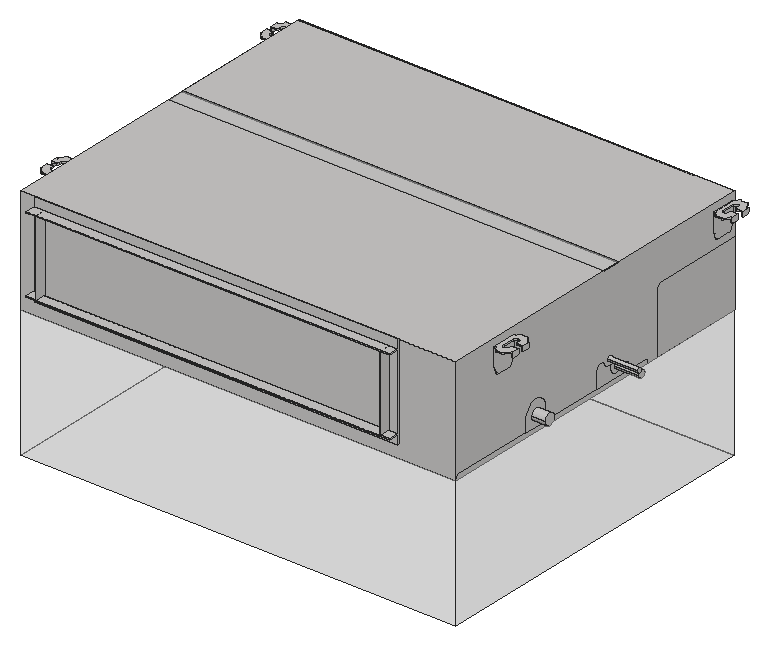
Revit family "outputfile", category 機械設備, Revit 2024
Family settings
  丸型コネクタ寸法 = 半径を使用
  パーツ タイプ = 標準
  OmniClass 番号 = 23.75.10.24.21.27.27
  OmniClass タイトル = Split System Air Conditioning Units
  作業面ベース = いいえ
  常に垂直 = はい
  ロード時にボイドで切り取り = いいえ
  注釈の向きを維持 = いいえ
  共有 = いいえ
  部屋計算ポイント = はい
Parameters (values of type "FDBF71DV14")
  Description = ""
  書き出し IFC クラス(タイプ) = "IfcUnitaryEquipmentType"
  定義済み IFC タイプ(タイプ) = "AIRCONDITIONINGUNIT"
  Cost = 0
  Type Comments = ""
  Keynote = ""
  Type Image = (empty or 0)
  Assembly Code = ""
  switch_frequency = yes
  ra duct size width = 0 mm
  ra duct size height [instance] = if(Rear Connection_Return Air, 203 mm, 204 mm)  # 203 mm
  lw_duct size width = 904 mm
  connector_voltage = Voltage_50Hz  # 230 V
  connector_powerinput = [Power Input (Cooling)]  # 0.000 kW
  connector_phase = Phase_50Hz  # 1
  URL = ""
  RA_length [instance] = if(Rear Connection_Return Air, 126 mm, 125.5 mm)  # 126 mm
  angle_drainpipe [instance] = if(Right Connection_refrigerant, 90.00°, 270.00°)  # 90.00°
  angle_gaspipe [instance] = if(Right Connection_refrigerant, 90.00°, 270.00°)  # 90.00°
  angle_liquidpipe [instance] = if(Right Connection_refrigerant, 90.00°, 270.00°)  # 90.00°
  angle_Return Air [instance] = if(Rear Connection_Return Air, 90.00°, 0.00°)  # 90.00°
  Right Connection_refrigerant [instance] = yes
  Rear Connection_Return Air [instance] = not(Bottom Connection_Return Air)  # yes
  製造元 = "Daikin"
  モデル = "FDBF71DV14"
  r_Liquid Pipe Size = Liquid Pipe Size / 2  # 4.75 mm
  r_Gas Pipe Size = Gas Pipe Size / 2  # 7.95 mm
  r_Drain Pipe Size = Drain Pipe Size / 2  # 12.5 mm
  lw_power = 60 mm  # constant formula
  lh_power = 30 mm  # constant formula
  ld_power = Depth / 2  # 400 mm
  Voltage_comment_50Hz = "220 - 240"
  Voltage_50Hz = 230 V
  Supply Air Direction [instance] = yes
  Sound Power Level_H speed (dB) = 0
  Phase_50Hz = 1
  Minimum External Static Pressure = 15.00 Pa
  Minimum Circuit Amps_50Hz = 0.0 A
  Maximum Fuse Amps_50Hz = 0.0 A
  Maximum External Static Pressure = 38.00 Pa
  Material_Casing = DAIKIN_GalvanizedSteel_Casing_indoorunit
  lw_mountinghole = 1038 mm
  lh_gaspipe = 22 mm  # constant formula
  lh_mountinghole = 230 mm  # constant formula
  lh_liquidpipe = 185 mm  # constant formula
  lh_drainpipe = 207 mm  # constant formula
  lh_antena = (Height - lh_mountinghole) + 1 mm  # 16 mm
  ld_drainpipe = 228 mm  # constant formula
  ld_liquidpipe = 438 mm  # constant formula
  ld_gaspipe = 22 mm  # constant formula
  ld_mountinghole = 0 mm
  h*** = 0 mm
  lw_liquidpipe = 571 mm
  lw_gaspipe = 558 mm
  lw_drainpipe = 533 mm
  Width = 1000 mm
  Version = "ver.1.0"
  Unit Type = "L.S.P. Duct for Bed room"
  Unit Mass Weight = 36.00 kg
  Unit Designation [instance] = ""
  Uniclass2015Version = "Products v1.30"
  Uniclass2015Title = "Split coil room air conditioning units"
  Uniclass2015Code = "Pr_70_65_03_86"
  Total Cooling Capacity [instance] = 0.000 kW
  Sound Pressure Level_M speed (dBA) = 35
  Sound Pressure Level_L speed (dBA) = 33
  Sound Pressure Level_H speed (dBA) = 39
  Series = "SkyAir_Fan Coil Unit"
  Sensible Cooling Capacity [instance] = 0.000 kW
  SA Duct Size Width = 790 mm
  SA Duct Size Height = 176 mm
  Refrigerant Type = "R32"
  RA Duct Size Width = 863 mm
  RA Duct Size Height = 203 mm
  Power Input (Cooling) = 0.000 kW
  Option Accessory 3 [instance] = ""
  Option Accessory 2 [instance] = ""
  Option Accessory 1 [instance] = ""
  Nominal Cooling Capacity = 7.100 kW
  Minimum Airflow = 1050.00 m³/h
  Median Airflow = 1200.00 m³/h
  Maximum Airflow = 1350.00 m³/h
  Load Classification = HVAC
  Liquid Pipe Size = 9.5 mm
  Link_Nested Family [instance] = ""
  Left Connection_refrigerant [instance] = not(Right Connection_refrigerant)  # no
  IfcVersion = ""
  IfcExportType = "AIRCONDITIONINGUNIT"
  IfcExportAs = "IfcUnitaryEquipmentType"
  Height = 245 mm
  Heat Exchanger Type = "Cross Fin Coil"
  Gas Pipe Size = 15.9 mm
  Frequency_50Hz = 50 Hz
  Fan Type = "Sirocco Fan"
  Fan Drive = "Direct Drive"
  FCU Tag No. [instance] = ""
  Drain Pipe Size = 25.0 mm
  Design Supply Airflow [instance] = 0.00 m³/h
  Design Return Airflow [instance] = 0.00 m³/h
  Design External Static Pressure [instance] = 0.00 Pa
  Depth = 800 mm
  既定の高さ = 0 mm
  Cooling Entering Wet Bulb Temperature [instance] = 0.00 °C
  Cooling Entering Dry Bulb Temperature [instance] = 0.00 °C
  Cooling Ambient Wet Bulb Temperature [instance] = 0.00 °C
  Cooling Ambient Dry Bulb Temperature [instance] = 0.00 °C
  Clearance visibility [instance] = yes
  Clearance Top = 0 mm
  Clearance Right = 0 mm
  Clearance Rear = 0 mm
  Clearance Left = 0 mm
  Clearance Front = 0 mm
  Clearance Bottom = 300 mm
  Bottom Connection_Return Air [instance] = no
Reference planes
  plane 1 "Center (Front/Back)": y = 0
  plane 2 "h": z = 0
  plane 3 "Center (Left/Right)": x = 0
  plane 4 "Back": y = 400
  plane 5 "Front": y = -400
  plane 6 "Left": x = -500
  plane 7 "Right": x = 500
  plane 8 "Top": z = 0
  plane 9 "Bottom": z = -245
  plane 10: y = 400
  plane 11: y = -400
  plane 12: x = -500
  plane 13: x = 500
  plane 14: z = 0
  plane 15: z = -545
  plane 16: y = 364
  plane 17: y = -266
  plane 18: z = -15
  plane 19: x = -467
  plane 20: x = -558
  plane 21: x = 558
  plane 22: x = -571
  plane 23: x = 571
  plane 24: y = 38
  plane 25: y = 60
  plane 26: y = -172
  plane 27: z = -207
  plane 28: z = -207
  plane 29: z = -185
  plane 30: x = -533
  plane 31: x = 533
  plane 32: x = 404.5
  plane 33: x = -499.5
  plane 34: y = 151.5
  plane 35: z = -215
  plane 36: x = 440
  plane 37: x = -47.5
  plane 38: y = 274
  plane 39: z = -119.5
  plane 40: x = -519
  plane 41: x = 519
Forms (mm)
  Extrusion 1, solid, material "DAIKIN_GalvanizedSteel_Casing_indoorunit" <- "Material_Casing"
    sketch origin (0, 0, 0) x (1, 0, 0) y (0, 1, 0)
      loop
        line (-500, 400) -> (-500, -400) -> (500, -400) -> (500, 400) -> (-500, 400)
    from -245 to 0
  Extrusion 2, solid, material "DAIKIN_GalvanizedSteel_Casing_indoorunit" <- "Material_Casing", visible <- "Right Connection_refrigerant"
    sketch origin (500, 0, 0) x (0, 1, 0) y (0, 0, 1)
      loop
        circle (-172, -207) r 12.5
    from 0 to 33
  Extrusion 3, solid, material "DAIKIN_GalvanizedSteel_Casing_indoorunit" <- "Material_Casing", visible <- "Left Connection_refrigerant"
    sketch origin (-500, 0, 0) x (0, 1, 0) y (0, 0, 1)
      loop
        circle (-172, -207) r 12.5
    from 0 to -33
  Extrusion 4, solid, material "DAIKIN_GalvanizedSteel_Casing_indoorunit" <- "Material_Casing", visible <- "Right Connection_refrigerant"
    sketch origin (500, 0, 0) x (0, 1, 0) y (0, 0, 1)
      loop
        circle (38, -185) r 4.75
    from 0 to 71
  Extrusion 5, solid, material "DAIKIN_GalvanizedSteel_Casing_indoorunit" <- "Material_Casing", visible <- "Right Connection_refrigerant"
    sketch origin (500, 0, 0) x (0, 1, 0) y (0, 0, 1)
      loop
        circle (60, -207) r 7.95
    from 0 to 58
  Extrusion 6, solid, material "DAIKIN_GalvanizedSteel_Casing_indoorunit" <- "Material_Casing", visible <- "Left Connection_refrigerant"
    sketch origin (-500, 0, 0) x (0, 1, 0) y (0, 0, 1)
      loop
        circle (60, -207) r 7.95
    from 0 to -58
  Extrusion 7, solid, material "DAIKIN_GalvanizedSteel_Casing_indoorunit" <- "Material_Casing", visible <- "Left Connection_refrigerant"
    sketch origin (-500, 0, 0) x (0, 1, 0) y (0, 0, 1)
      loop
        circle (38, -185) r 4.75
    from 0 to -71
  Extrusion 8, solid, material "DAIKIN_GalvanizedSteel_Casing_indoorunit" <- "Material_Casing", visible <- "Right Connection_refrigerant"
    sketch origin (500, 0, 0) x (0, 1, 0) y (0, 0, 1)
      loop
        line (22.284, -188) -> (7.5, -188)
        arc (7.5, -188) -> (5.379, -188.879) -> (4.5, -191) r 3
        line (4.5, -191) -> (4.5, -232)
        arc (4.5, -232) -> (5.379, -234.121) -> (7.5, -235) r 3
        line (7.5, -235) -> (91, -235)
        arc (91, -235) -> (93.121, -234.121) -> (94, -232) r 3
        line (94, -232) -> (94, -220)
        arc (94, -220) -> (93.121, -217.879) -> (91, -217) r 3
        line (91, -217) -> (75.564, -217)
        arc (75.564, -217) -> (51.595, -223.481) -> (42.766, -200.274) r 18.5
        arc (42.766, -200.274) -> (29.776, -198.725) -> (22.284, -188) r 16
    from 0 to -1
  Extrusion 9, solid, material "DAIKIN_GalvanizedSteel_Casing_indoorunit" <- "Material_Casing", visible <- "Left Connection_refrigerant"
    sketch origin (-500, 0, 0) x (0, 1, 0) y (0, 0, 1)
      loop
        line (22.284, -188) -> (7.5, -188)
        arc (7.5, -188) -> (5.379, -188.879) -> (4.5, -191) r 3
        line (4.5, -191) -> (4.5, -232)
        arc (4.5, -232) -> (5.379, -234.121) -> (7.5, -235) r 3
        line (7.5, -235) -> (91, -235)
        arc (91, -235) -> (93.121, -234.121) -> (94, -232) r 3
        line (94, -232) -> (94, -220)
        arc (94, -220) -> (93.121, -217.879) -> (91, -217) r 3
        line (91, -217) -> (75.564, -217)
        arc (75.564, -217) -> (51.595, -223.481) -> (42.766, -200.274) r 18.5
        arc (42.766, -200.274) -> (29.776, -198.725) -> (22.284, -188) r 16
    from 0 to 1
  Extrusion 10, solid, material "DAIKIN_GalvanizedSteel_Casing_indoorunit" <- "Material_Casing", visible <- "Right Connection_refrigerant"
    sketch origin (500, 0, 0) x (0, 1, 0) y (0, 0, 1)
      loop
        line (-199.5, -235) -> (-144.5, -235) -> (-144.5, -204.7)
        arc (-144.5, -204.7) -> (-152.555, -185.255) -> (-172, -177.2) r 27.5
        arc (-172, -177.2) -> (-191.445, -185.255) -> (-199.5, -204.7) r 27.5
        line (-199.5, -204.7) -> (-199.5, -235)
    from 0 to -1
  Extrusion 11, solid, material "DAIKIN_GalvanizedSteel_Casing_indoorunit" <- "Material_Casing", visible <- "Left Connection_refrigerant"
    sketch origin (-500, 0, 0) x (0, 1, 0) y (0, 0, 1)
      loop
        line (-199.5, -235) -> (-144.5, -235) -> (-144.5, -204.7)
        arc (-144.5, -204.7) -> (-152.555, -185.255) -> (-172, -177.2) r 27.5
        arc (-172, -177.2) -> (-191.445, -185.255) -> (-199.5, -204.7) r 27.5
        line (-199.5, -204.7) -> (-199.5, -235)
    from 0 to 1
  Extrusion 12, solid, material "DAIKIN_GalvanizedSteel_Casing_indoorunit" <- "Material_Casing", visible <- "Right Connection_refrigerant"
    sketch origin (500, 0, 0) x (0, 1, 0) y (0, 0, 1)
      loop
        line (400, -245) -> (400, -95.5) -> (182, -95.5)
        arc (182, -95.5) -> (179.879, -96.379) -> (179, -98.5) r 3
        line (179, -98.5) -> (179, -245) -> (400, -245)
    from 0 to -1
  Extrusion 13, solid, material "DAIKIN_GalvanizedSteel_Casing_indoorunit" <- "Material_Casing", visible <- "Bottom Connection_Return Air"
    sketch origin (0, 400, 0) x (-1, 0, 0) y (0, 0, 1)
      loop
        line (-404.5, 0) -> (-404.5, -245) -> (499.5, -245) -> (499.5, 0) -> (-404.5, 0)
    from 0 to -1
  Extrusion 14, solid, material "DAIKIN_GalvanizedSteel_Casing_indoorunit" <- "Material_Casing", visible <- "Rear Connection_Return Air"
    sketch origin (0, 0, -245) x (-1, 0, 0) y (0, -1, 0)
      loop
        line (499.5, -400) -> (499.5, -151.5) -> (-404.5, -151.5) -> (-404.5, -400) -> (499.5, -400)
    from 0 to 1
  Extrusion 15, solid, material "DAIKIN_GalvanizedSteel_Casing_indoorunit" <- "Material_Casing", visible <- "Right Connection_refrigerant"
    sketch origin (500, 0, 0) x (0, 1, 0) y (0, 0, 1)
      loop
        arc (-397, -235) -> (-399.121, -235.879) -> (-400, -238) r 3
        line (-400, -238) -> (-400, -245) -> (147.5, -245) -> (147.5, -238)
        arc (147.5, -238) -> (146.621, -235.879) -> (144.5, -235) r 3
        line (144.5, -235) -> (-397, -235)
    from 0 to -1
  Extrusion 16, solid, material "DAIKIN_GalvanizedSteel_Casing_indoorunit" <- "Material_Casing", visible <- "Left Connection_refrigerant"
    sketch origin (-500, 0, 0) x (0, 1, 0) y (0, 0, 1)
      loop
        arc (-397, -235) -> (-399.121, -235.879) -> (-400, -238) r 3
        line (-400, -238) -> (-400, -245) -> (147.5, -245) -> (147.5, -238)
        arc (147.5, -238) -> (146.621, -235.879) -> (144.5, -235) r 3
        line (144.5, -235) -> (-397, -235)
    from 0 to 1
  Extrusion 17, solid, material "DAIKIN_GalvanizedSteel_Casing_indoorunit" <- "Material_Casing", visible <- "Left Connection_refrigerant"
    sketch origin (-500, 0, 0) x (0, 1, 0) y (0, 0, 1)
      loop
        line (400, -245) -> (400, -95.5) -> (182, -95.5)
        arc (182, -95.5) -> (179.879, -96.379) -> (179, -98.5) r 3
        line (179, -98.5) -> (179, -245) -> (400, -245)
    from 0 to 1
  Extrusion 18, void
    sketch origin (0, 0, 0) x (-1, 0, 0) y (0, -1, 0)
      loop
        line (500, -66.5) -> (500, -25) -> (-500, -25) -> (-500, -66.5) -> (500, -66.5)
    from 0 to -1
Cuts and joins
  Extrusion 18 cuts Extrusion 1
Dimensions and locks
  "Height": plane 8 "Top" to plane 9 "Bottom"
  equal spacing: plane 4 "Back", plane 1 "Center (Front/Back)", plane 5 "Front"
  "Depth": plane 4 "Back" to plane 5 "Front"
  equal spacing: plane 6 "Left", plane 3 "Center (Left/Right)", plane 7 "Right"
  "Width": plane 6 "Left" to plane 7 "Right"
  "Clearance Left": plane 12 to plane 6 "Left"
  "Clearance Right": plane 7 "Right" to plane 13
  "Clearance Rear": plane 10 to plane 4 "Back"
  "Clearance Front": plane 5 "Front" to plane 11
  "Clearance Top": plane 14 to plane 8 "Top"
  "Clearance Bottom": plane 9 "Bottom" to plane 15
  locked: plane 4 "Back" to plane 16 at 36
  locked: plane 17 to plane 5 "Front" at 134
  locked: plane 6 "Left" to plane 19 at 33
  "ld_liquidpipe": plane 24 to plane 5 "Front"
  "ld_drainpipe": plane 26 to plane 5 "Front"
  "ld_gaspipe": plane 25 to plane 24
  "lh_drainpipe": plane 8 "Top" to plane 28
  "lh_liquidpipe": plane 8 "Top" to plane 29
  "lh_gaspipe": plane 29 to plane 27
  locked: plane 7 "Right" to plane 32 at 95.5
  locked: plane 33 to plane 6 "Left" at 0.5
  locked: plane 4 "Back" to plane 34 at 248.5
  "lw_drainpipe": plane 3 "Center (Left/Right)" to plane 31
  "lw_drainpipe": plane 30 to plane 3 "Center (Left/Right)"
  "lw_gaspipe": plane 3 "Center (Left/Right)" to plane 21
  "lw_gaspipe": plane 20 to plane 3 "Center (Left/Right)"
  "lw_liquidpipe": plane 3 "Center (Left/Right)" to plane 23
  "lw_liquidpipe": plane 22 to plane 3 "Center (Left/Right)"
  "lw_power": plane 7 "Right" to plane 36
  "lh_power": plane 9 "Bottom" to plane 35
  equal spacing: plane 33, plane 37, plane 32
  locked: plane 4 "Back" to plane 38 at 126
  locked: plane 9 "Bottom" to plane 39 at 125.5
  equal spacing: plane 40, plane 3 "Center (Left/Right)", plane 41
  "lw_mountinghole": plane 40 to plane 41
  "lh_mountinghole": plane 18 to plane 9 "Bottom"
  locked: Extrusion 18 sketch curve to Extrusion 18 sketch curve at 41.5
  locked: plane 1 "Center (Front/Back)" to Extrusion 18 sketch curve at 25
  "r_Drain Pipe Size": radius of Extrusion 2 sketch curve
  "r_Drain Pipe Size": radius of Extrusion 3 sketch curve
  "r_Liquid Pipe Size": radius of Extrusion 4 sketch curve
  "r_Gas Pipe Size": radius of Extrusion 5 sketch curve
  "r_Gas Pipe Size": radius of Extrusion 6 sketch curve
  "r_Liquid Pipe Size": radius of Extrusion 7 sketch curve
  aligned and locked: level to plane 2 "h"
  aligned and locked: plane 8 "Top" to Extrusion 1
  aligned and locked: Extrusion 1 to plane 9 "Bottom"
  aligned and locked: nested 2 to plane 11
  aligned and locked: plane 12 to nested 2
  aligned and locked: plane 13 to nested 2
  aligned and locked: nested 2 to plane 12
  aligned and locked: plane 10 to nested 2
  aligned and locked: plane 14 to nested 2
  aligned and locked: plane 15 to nested 2
  aligned and locked: plane 5 "Front" to Extrusion 1 sketch curve
  aligned and locked: level to plane 8 "Top"
  aligned and locked: nested 3 to plane 6 "Left"
  aligned and locked: nested 6 to plane 6 "Left"
  aligned and locked: plane 7 "Right" to nested 5
  aligned and locked: plane 7 "Right" to nested 4
  aligned and locked: nested 3 to plane 16
  aligned and locked: plane 16 to nested 4
  aligned and locked: plane 17 to nested 6
  aligned and locked: nested 5 to plane 17
  aligned and locked: plane 18 to nested 3
  aligned and locked: plane 18 to nested 6
  aligned and locked: plane 18 to nested 4
  aligned and locked: plane 18 to nested 5
  aligned and locked: nested 7 to plane 5 "Front"
  aligned and locked: nested 7 to plane 19
  aligned and locked: plane 28 to Extrusion 2 sketch curve
  aligned and locked: plane 26 to Extrusion 2 sketch curve
  aligned and locked: plane 31 to Extrusion 2
  aligned and locked: plane 28 to Extrusion 3 sketch curve
  aligned and locked: plane 26 to Extrusion 3 sketch curve
  aligned and locked: Extrusion 3 to plane 30
  aligned and locked: plane 29 to Extrusion 4 sketch curve
  aligned and locked: plane 24 to Extrusion 4 sketch curve
  aligned and locked: plane 23 to Extrusion 4
  aligned and locked: plane 28 to Extrusion 5 sketch curve
  aligned and locked: plane 25 to Extrusion 5 sketch curve
  aligned and locked: plane 21 to Extrusion 5
  aligned and locked: plane 28 to Extrusion 6 sketch curve
  aligned and locked: plane 25 to Extrusion 6 sketch curve
  aligned and locked: Extrusion 6 to plane 20
  aligned and locked: plane 29 to Extrusion 7 sketch curve
  aligned and locked: plane 24 to Extrusion 7 sketch curve
  aligned and locked: Extrusion 7 to plane 22
  aligned and locked: Extrusion 13 to plane 33
  aligned and locked: plane 32 to Extrusion 13
  aligned and locked: plane 8 "Top" to Extrusion 13
  aligned and locked: Extrusion 13 to plane 9 "Bottom"
  aligned and locked: Extrusion 14 to plane 33
  aligned and locked: plane 32 to Extrusion 14
  aligned and locked: Extrusion 14 to plane 34
  aligned and locked: plane 4 "Back" to Extrusion 14
  aligned and locked: nested 8 to plane 4 "Back"
  aligned and locked: nested 8 to plane 33
  aligned and locked: plane 8 "Top" to nested 8
  aligned and locked: nested 9 to plane 34
  aligned and locked: plane 4 "Back" to nested 9
  aligned and locked: plane 32 to nested 9
  aligned and locked: nested 9 to plane 9 "Bottom"
  aligned and locked: nested 10 to plane 26
  aligned and locked: plane 3 "Center (Left/Right)" to nested 10
  aligned and locked: nested 10 to plane 28
  aligned and locked: nested 11 to plane 24
  aligned and locked: plane 3 "Center (Left/Right)" to nested 11
  aligned and locked: nested 11 to plane 29
  aligned and locked: nested 12 to plane 25
  aligned and locked: plane 3 "Center (Left/Right)" to nested 12
  aligned and locked: nested 12 to plane 28
  aligned and locked: nested 13 to plane 35
  aligned and locked: nested 13 to plane 36
  aligned and locked: nested 13 to plane 1 "Center (Front/Back)"
  aligned and locked: plane 37 to nested 14
  aligned and locked: nested 14 to plane 38
  aligned and locked: plane 38 to nested 14  (x2)
  aligned and locked: plane 40 to nested 15
  aligned and locked: plane 17 to nested 15
  aligned and locked: plane 40 to nested 16
  aligned and locked: nested 16 to plane 16
  aligned and locked: plane 41 to nested 18
  aligned and locked: plane 17 to nested 18
  aligned and locked: plane 41 to nested 17
  aligned and locked: nested 17 to plane 16
  aligned and locked: plane 1 "Center (Front/Back)" to nested 1
  aligned and locked: plane 3 "Center (Left/Right)" to nested 1
  aligned and locked: plane 6 "Left" to Extrusion 18 sketch curve
  aligned and locked: Extrusion 18 sketch curve to plane 7 "Right"
  aligned and locked: plane 8 "Top" to nested 7
Automatic sketch dimensions
  Extrusion 1 sketch curve to plane 6 "Left" = 0 mm
  Extrusion 1 sketch curve to plane 7 "Right" = 0 mm
  Extrusion 1 sketch curve to plane 4 "Back" = 0 mm
  Extrusion 8 sketch curve to plane 24 = 0 mm
  Extrusion 8 sketch curve to plane 25 = 0 mm
  Extrusion 8 sketch curve to plane 27 = 0 mm
  Extrusion 8 sketch curve to plane 29 = 0 mm
  Extrusion 8 sketch curve to plane 29 = 3 mm
  Extrusion 8 sketch curve to plane 24 = 15.716 mm
  Extrusion 8 sketch curve to plane 1 "Center (Front/Back)" = 7.5 mm  (x2)
  Extrusion 8 sketch curve to Extrusion 8 sketch curve = 3 mm
  Extrusion 8 sketch curve to plane 35 = 2 mm
  plane 25 to Extrusion 8 sketch curve = 15.564 mm
  plane 9 "Bottom" to Extrusion 8 sketch curve = 10 mm
  Extrusion 8 sketch curve to Extrusion 8 sketch curve = 15.436 mm
  Extrusion 8 sketch curve to plane 35 = 5 mm
  Extrusion 8 sketch curve to Extrusion 8 sketch curve = 0 mm
  Extrusion 9 sketch curve to plane 24 = 0 mm
  Extrusion 9 sketch curve to plane 25 = 0 mm
  Extrusion 9 sketch curve to plane 27 = 0 mm
  Extrusion 9 sketch curve to plane 29 = 0 mm
  Extrusion 9 sketch curve to plane 29 = 3 mm
  Extrusion 9 sketch curve to plane 24 = 15.716 mm
  Extrusion 9 sketch curve to plane 1 "Center (Front/Back)" = 7.5 mm  (x2)
  Extrusion 9 sketch curve to Extrusion 9 sketch curve = 3 mm
  Extrusion 9 sketch curve to plane 35 = 2 mm
  plane 25 to Extrusion 9 sketch curve = 15.564 mm
  plane 9 "Bottom" to Extrusion 9 sketch curve = 10 mm
  Extrusion 9 sketch curve to Extrusion 9 sketch curve = 15.436 mm
  Extrusion 9 sketch curve to plane 35 = 5 mm
  Extrusion 9 sketch curve to Extrusion 9 sketch curve = 0 mm
  Extrusion 10 sketch curve to Extrusion 10 sketch curve = 0 mm  (x2)
  Extrusion 10 sketch curve to plane 26 = 0 mm
  plane 9 "Bottom" to Extrusion 10 sketch curve = 10 mm
  Extrusion 10 sketch curve to plane 26 = 27.5 mm
  plane 27 to Extrusion 10 sketch curve = 2.3 mm
  Extrusion 11 sketch curve to Extrusion 11 sketch curve = 0 mm  (x2)
  Extrusion 11 sketch curve to plane 26 = 0 mm
  plane 9 "Bottom" to Extrusion 11 sketch curve = 10 mm
  Extrusion 11 sketch curve to plane 26 = 27.5 mm
  plane 27 to Extrusion 11 sketch curve = 2.3 mm
  Extrusion 12 sketch curve to plane 9 "Bottom" = 0 mm
  Extrusion 12 sketch curve to plane 4 "Back" = 0 mm
  plane 34 to Extrusion 12 sketch curve = 30.5 mm
  Extrusion 12 sketch curve to Extrusion 12 sketch curve = 3 mm
  plane 39 to Extrusion 12 sketch curve = 21 mm
  Extrusion 13 sketch curve to plane 9 "Bottom" = 0 mm
  Extrusion 13 sketch curve to plane 32 = 0 mm
  Extrusion 13 sketch curve to plane 33 = 0 mm
  Extrusion 13 sketch curve to level = 0 mm
  Extrusion 14 sketch curve to plane 4 "Back" = 0 mm
  Extrusion 14 sketch curve to plane 32 = 0 mm
  Extrusion 14 sketch curve to plane 33 = 0 mm
  Extrusion 14 sketch curve to plane 34 = 0 mm
  Extrusion 15 sketch curve to plane 5 "Front" = 0 mm
  Extrusion 15 sketch curve to plane 9 "Bottom" = 0 mm
  Extrusion 15 sketch curve to Extrusion 15 sketch curve = 3 mm
  Extrusion 15 sketch curve to plane 34 = 7 mm
  Extrusion 15 sketch curve to plane 34 = 4 mm
  Extrusion 15 sketch curve to Extrusion 15 sketch curve = 7 mm
  Extrusion 16 sketch curve to plane 5 "Front" = 0 mm
  Extrusion 16 sketch curve to plane 9 "Bottom" = 0 mm
  Extrusion 16 sketch curve to Extrusion 16 sketch curve = 3 mm
  Extrusion 16 sketch curve to plane 34 = 7 mm
  Extrusion 16 sketch curve to plane 34 = 4 mm
  plane 9 "Bottom" to Extrusion 16 sketch curve = 7 mm
  Extrusion 17 sketch curve to plane 9 "Bottom" = 0 mm
  Extrusion 17 sketch curve to plane 4 "Back" = 0 mm
  plane 34 to Extrusion 17 sketch curve = 30.5 mm
  Extrusion 17 sketch curve to Extrusion 17 sketch curve = 3 mm
  plane 39 to Extrusion 17 sketch curve = 21 mm
Nested families
  nested 1: "daikin_△_symbolicline" at (0, 0, 245), built-in parameter 1001364 <- "Height", visible <- "Supply Air Direction", type "daikin_△_symbolicline"
    with length 200 mm
  nested 2: "daikin_clearancespace" at (0, 0, -272.381), visible <- "Clearance visibility", show <- "Clearance visibility", Link_Nested Family <- "Link_Nested Family", type "daikin_clearancespace"
    with width 1000 mm, show yes, height 545 mm, depth 800 mm, Link_Nested Family ""
  nested 3: "daikin_hangerfixture_FDBF-DV14" at (-500, 364, -15) x (0, -1, 0) z (0, 0, 1), type "daikin_hangerfixture_FDBF-DV14"
  nested 4: "daikin_hangerfixture_FDBF-DV14" at (500, 364, -15) x (0, 1, 0) z (0, 0, 1), type "daikin_hangerfixture_FDBF-DV14"
  nested 5: "daikin_hangerfixture_FDBF-DV14" at (500, -266, -15) x (0, 1, 0) z (0, 0, 1), type "daikin_hangerfixture_FDBF-DV14"
  nested 6: "daikin_hangerfixture_FDBF-DV14" at (-500, -266, -15) x (0, -1, 0) z (0, 0, 1), type "daikin_hangerfixture_FDBF-DV14"
  nested 7: "daikin_ductflange_FDBF-DV14_2" at (-49.5, -400, -108), type "daikin_ductflange_FDBF-DV14_2"
    with width 835 mm, w 1000 mm
  nested 8: "daikin_ductflange_FDBF-DV14" at (-47.5, 400, -122.5), width <- "lw_duct size width", visible <- "Rear Connection_Return Air", material <- "Material_Casing", type "daikin_ductflange_FDBF-DV14"
    with width 904 mm, material DAIKIN_GalvanizedSteel_Casing_indoorunit, height 245 mm, depth 1 mm
  nested 9: "daikin_ductflange_FDBF-DV14_1" at (-47.5, 275.75, -244) x (1, 0, 0) z (0, -1, 0), width <- "lw_duct size width", visible <- "Bottom Connection_Return Air", material <- "Material_Casing", type "daikin_ductflange_FDBF-DV14_1"
    with width 904 mm, material DAIKIN_GalvanizedSteel_Casing_indoorunit, height 248.5 mm, depth 1 mm
  nested 10: "daikin_connector_rotate3" at (0, -172, -207), length <- "lw_drainpipe", radius <- "r_Drain Pipe Size", angle_vertical <- "angle_drainpipe", type "daikin_connector_rotate3"
    with show no, radius 12.5 mm, length 533 mm, angle_vertical 90.00°, angle_horizontal 90.00°
  nested 11: "daikin_connector_rotate3" at (0, 38, -185), length <- "lw_liquidpipe", radius <- "r_Liquid Pipe Size", angle_vertical <- "angle_liquidpipe", type "daikin_connector_rotate3"
    with show no, radius 4.75 mm, length 571 mm, angle_vertical 90.00°, angle_horizontal 90.00°
  nested 12: "daikin_connector_rotate3" at (0, 60, -207), length <- "lw_gaspipe", radius <- "r_Gas Pipe Size", angle_vertical <- "angle_gaspipe", type "daikin_connector_rotate3"
    with show no, radius 7.95 mm, length 558 mm, angle_vertical 90.00°, angle_horizontal 90.00°
  nested 13: "daikin_connector_rotate2" at (440, 0, -215) x (-1, 0, 0) z (0, 0, 1), length <- "ld_power", type "daikin_connector_rotate2"
    with radius 10 mm, length 400 mm, angle_vertical 90.00°
  nested 14: "daikin_connector_rotate3" at (-47.5, 274, -119.5), angle_vertical <- "angle_Return Air", length <- "RA_length", type "daikin_connector_rotate3"
    with show no, radius 10 mm, length 126 mm, angle_vertical 90.00°, angle_horizontal 180.00°
  nested 15: "daikin_mountinghole" at (-519, -266, -245), h_mountinghole <- "lh_mountinghole", l_antenna <- "lh_antena", Link_Nested Family <- "Link_Nested Family", type "daikin_mountinghole"
    with show yes, l_antenna 16 mm, h_mountinghole 230 mm, Link_Nested Family ""
  nested 16: "daikin_mountinghole" at (-519, 364, -245), h_mountinghole <- "lh_mountinghole", l_antenna <- "lh_antena", Link_Nested Family <- "Link_Nested Family", type "daikin_mountinghole"
    with show yes, l_antenna 16 mm, h_mountinghole 230 mm, Link_Nested Family ""
  nested 17: "daikin_mountinghole" at (519, 364, -245), h_mountinghole <- "lh_mountinghole", l_antenna <- "lh_antena", type "daikin_mountinghole"
    with show yes, l_antenna 16 mm, h_mountinghole 230 mm, Link_Nested Family ""
  nested 18: "daikin_mountinghole" at (519, -266, -245), h_mountinghole <- "lh_mountinghole", l_antenna <- "lh_antena", type "daikin_mountinghole"
    with show yes, l_antenna 16 mm, h_mountinghole 230 mm, Link_Nested Family ""
Connectors
  hvac at (-49.5, -425, -108), driven by "SA Duct Size Height", driven by "SA Duct Size Width"
    settings: on nested 7, index 1, duct flow 0.00 m³/h, flow factor 0, pres drop 0.00 Pa, loss coef 0, conn angle 0.00°, conn width 790.0 mm, conn height 176.0 mm, conn diameter 609.6 mm, duct sys type 1, conn prof type 1, flow config 0, flow direction 2, loss method 4, conn ref index -1, conn util no, is conn primary yes, conn desc "SA Duct"
  piping at (558, 60, -207), diameter 15.9, driven by "r_Gas Pipe Size"
    settings: on nested 12, index 4, connector inside diameter 609.6 mm, connector length 0 mm, flow factor 0, pipe flow 0.00 m³/h, pressure drop 0.0 Pa, fitting loss kfactor 0, connector angle 0.00°, fixture units 0, engagement length 0 mm, angle of deflection 0.00°, flow configuration 1, flow direction 2, fitting loss method 0, system type 29, joint type 0, gender type 0, connector reference index -1, connector utility 0, adjustable connector no, is connector primary yes, connector description "Refrigerant Gas Piping"
  piping at (571, 38, -185), diameter 9.5, driven by "r_Liquid Pipe Size"
    settings: on nested 11, index 5, connector inside diameter 609.6 mm, connector length 0 mm, flow factor 0, pipe flow 0.00 m³/h, pressure drop 0.0 Pa, fitting loss kfactor 0, connector angle 0.00°, fixture units 0, engagement length 0 mm, angle of deflection 0.00°, flow configuration 1, flow direction 1, fitting loss method 0, system type 29, joint type 0, gender type 0, connector reference index -1, connector utility 0, adjustable connector no, is connector primary no, connector description "Refrigerant Liquid Piping"
  piping at (533, -172, -207), diameter 25, driven by "r_Drain Pipe Size"
    settings: on nested 10, index 6, connector inside diameter 609.6 mm, connector length 0 mm, flow factor 0, pipe flow 0.00 m³/h, pressure drop 0.0 Pa, fitting loss kfactor 0, connector angle 0.00°, fixture units 0, engagement length 0 mm, angle of deflection 0.00°, flow configuration 1, flow direction 2, fitting loss method 4, system type 16, joint type 0, gender type 0, connector reference index -1, connector utility 0, adjustable connector no, is connector primary no, connector description "Condensate Drain Piping"
  hvac at (-47.5, 400, -119.5), driven by "ra duct size height", driven by "RA Duct Size Width"
    settings: on nested 14, index 7, duct flow 0.00 m³/h, flow factor 0, pres drop 0.00 Pa, loss coef 0, conn angle 0.00°, conn width 863.0 mm, conn height 203.0 mm, conn diameter 609.6 mm, duct sys type 2, conn prof type 1, flow config 0, flow direction 1, loss method 4, conn ref index -1, conn util no, is conn primary no, conn desc "RA Duct"
  electrical at (440, 400, -215), driven by "Load Classification", driven by "connector_phase", driven by "connector_voltage", driven by "connector_powerinput"
    settings: on nested 13, index 8, voltage 230 V, apparent load 0 VA, apparent load phase1 0 VA, apparent load phase2 0 VA, apparent load phase3 0 VA, power factor 1, load classification "HVAC", number of poles 1, system type 30, power factor state 1, is connector primary yes, connector utility no, sub classification motor no, connector description "Power Supply"
Definition of nested family "daikin_clearancespace"
  Parameters (values of type "daikin_clearancespace")
    Description = "daikin_clearancespace"
    width [instance] = 1823.963 mm
    show [instance] = yes
    material = none
    height [instance] = 1359.762 mm
    depth [instance] = 880 mm
    Default Elevation = 0 mm
    Link_Nested Family [instance] = ""
  Reference planes
    plane 1 "Center (Front/Back)": y = 0
    plane 2 "Center (Elevation)": z = -0.119
    plane 3 "Center (Left/Right)": x = 0
    plane 4: y = 440
    plane 5: y = -440
    plane 6 "Right": x = 911.982
    plane 7 "Left": x = -911.982
    plane 8 "Top": z = 679.762
    plane 9 "Bottom": z = -680
  Forms (mm)
    Extrusion 1, solid, material <- "material", visible <- "show"
      sketch origin (0, 0, 0) x (1, 0, 0) y (0, 1, 0)
        loop
          line (-911.982, 440) -> (-911.982, -440) -> (911.982, -440) -> (911.982, 440) -> (-911.982, 440)
      from -680 to 679.762
  Lines and regions (mm)
    symbolic lines, visible <- "show"
      curve 1: line (911.982, 440, 0) -> (-911.982, 440, 0)
      curve 2: line (-911.982, 440, 0) -> (-911.982, -440, 0)
      curve 3: line (-911.982, -440, 0) -> (911.982, -440, 0)
      curve 4: line (911.982, -440, 0) -> (911.982, 440, 0)
      curve 5: line (911.982, 0, 679.762) -> (-911.982, 0, 679.762)
      curve 6: line (911.982, 0, -680) -> (911.982, 0, 679.762)
      curve 7: line (-911.982, 0, -680) -> (911.982, 0, -680)
      curve 8: line (-911.982, 0, 679.762) -> (-911.982, 0, -680)
      curve 9: line (0, 440, 679.762) -> (0, -440, 679.762)
      curve 10: line (0, -440, 679.762) -> (0, -440, -680)
      curve 11: line (0, 440, -680) -> (0, 440, 679.762)
      curve 12: line (0, -440, -680) -> (0, 440, -680)
  Dimensions and locks
    "width": plane 7 "Left" to plane 6 "Right"
    "depth": plane 4 to plane 5
    "height": plane 8 "Top" to plane 9 "Bottom"
    equal spacing: plane 7 "Left", plane 3 "Center (Left/Right)", plane 6 "Right"
    equal spacing: plane 4, plane 1 "Center (Front/Back)", plane 5
    equal spacing: plane 8 "Top", plane 2 "Center (Elevation)", plane 9 "Bottom"
    aligned and locked: level to plane 2 "Center (Elevation)"
    aligned and locked: Extrusion 1 sketch curve to plane 4
    aligned and locked: plane 7 "Left" to Extrusion 1 sketch curve
    aligned and locked: Extrusion 1 sketch curve to plane 5
    aligned and locked: Extrusion 1 sketch curve to plane 6 "Right"
    aligned and locked: plane 8 "Top" to Extrusion 1
    aligned and locked: curve 1 to Extrusion 1
    aligned and locked: curve 2 to Extrusion 1
    aligned and locked: curve 3 to Extrusion 1
    aligned and locked: curve 4 to Extrusion 1
    aligned and locked: curve 5 to Extrusion 1
    aligned and locked: curve 6 to Extrusion 1
    aligned and locked: curve 7 to Extrusion 1
    aligned and locked: curve 8 to Extrusion 1
    aligned and locked: curve 9 to Extrusion 1
    aligned and locked: curve 10 to Extrusion 1
    aligned and locked: curve 11 to Extrusion 1
    aligned and locked: curve 12 to Extrusion 1
    aligned and locked: Extrusion 1 to plane 9 "Bottom"
Definition of nested family "daikin_hangerfixture_FDBF-DV14"
  Parameters (values of type "daikin_hangerfixture_FDBF-DV2S")
    width = 72 mm
    material = none
    height = 60 mm
    depth = 41 mm
    Default Elevation = 0 mm
  Reference planes
    plane 1 "Center (Front/Back)": y = 0
    plane 2: z = 0
    plane 3 "Center (Left/Right)": x = 0
    plane 4: y = 417.146
    plane 5: y = -41
    plane 6: x = -36
    plane 7: x = 36
    plane 8: z = -2.3
    plane 9: z = -60
    plane 10: y = -2.3
    plane 11: z = -12
    plane 12: y = -38.7
  Forms (mm)
    Extrusion 1, solid, material <- "material"
      sketch origin (0, 0, 0) x (1, 0, 0) y (0, 1, 0)
        loop
          line (-28, 0) -> (-28, -5)
          arc (-28, -5) -> (-29.127, -8.162) -> (-32, -9.899) r 5
          arc (-32, -9.899) -> (-34.873, -11.636) -> (-36, -14.798) r 5
          line (-36, -14.798) -> (-36, -27.178)
          arc (-36, -27.178) -> (-35.429, -29.499) -> (-33.846, -31.289) r 5
          line (-33.846, -31.289) -> (-23, -38.798) -> (-23, -41.098) -> (-6.5, -41.098) -> (-6.5, -28.498)
          arc (-6.5, -28.498) -> (-7.379, -26.377) -> (-9.5, -25.498) r 3
          line (-9.5, -25.498) -> (-13.5, -25.498)
          arc (-13.5, -25.498) -> (-20, -18.998) -> (-13.5, -12.498) r 6.5
          line (-13.5, -12.498) -> (13.5, -12.498)
          arc (13.5, -12.498) -> (20, -18.998) -> (13.5, -25.498) r 6.5
          line (13.5, -25.498) -> (9.5, -25.498)
          arc (9.5, -25.498) -> (7.379, -26.377) -> (6.5, -28.498) r 3
          line (6.5, -28.498) -> (6.5, -41.098) -> (23, -41.098) -> (23, -38.798) -> (33.846, -31.289)
          arc (33.846, -31.289) -> (35.429, -29.499) -> (36, -27.178) r 5
          line (36, -27.178) -> (36, -14.596)
          arc (36, -14.596) -> (34.873, -11.434) -> (32, -9.697) r 5
          arc (32, -9.697) -> (29.127, -7.96) -> (28, -4.798) r 5
          line (28, -4.798) -> (28, 0) -> (-28, 0)
      from 0 to -2.3
    Extrusion 2, solid, material <- "material"
      sketch origin (0, 0, 0) x (1, 0, 0) y (0, 0, 1)
        loop
          line (28, -39.037) -> (28, 0) -> (-28, 0) -> (-28, -39.037)
          arc (-28, -39.037) -> (-27.91, -39.983) -> (-27.642, -40.894) r 5
          line (-27.642, -40.894) -> (-21.257, -56.857)
          arc (-21.257, -56.857) -> (-19.418, -59.14) -> (-16.615, -60) r 5
          line (-16.615, -60) -> (16.615, -60)
          arc (16.615, -60) -> (19.418, -59.14) -> (21.257, -56.857) r 5
          line (21.257, -56.857) -> (27.642, -40.894)
          arc (27.642, -40.894) -> (27.91, -39.983) -> (28, -39.037) r 5
      from 0 to 2.3
    Extrusion 3, solid, material <- "material"
      sketch origin (0, 0, 0) x (1, 0, 0) y (0, 0, 1)
        loop
          line (-23, 0) -> (-23, -9)
          arc (-23, -9) -> (-22.121, -11.121) -> (-20, -12) r 3
          line (-20, -12) -> (-9.5, -12)
          arc (-9.5, -12) -> (-7.379, -11.121) -> (-6.5, -9) r 3
          line (-6.5, -9) -> (-6.5, 0) -> (-23, 0)
        loop
          line (23, 0) -> (6.5, 0) -> (6.5, -9)
          arc (6.5, -9) -> (7.379, -11.121) -> (9.5, -12) r 3
          line (9.5, -12) -> (20, -12)
          arc (20, -12) -> (22.121, -11.121) -> (23, -9) r 3
          line (23, -9) -> (23, 0)
      from 38.8 to 41.098
  Cuts and joins
    joined: Extrusion 1, Extrusion 2, Extrusion 3
  Dimensions and locks
    plane 2 to plane 8 = 2.3 mm
    "height": plane 2 to plane 9
    locked: plane 10 to plane 1 "Center (Front/Back)" at 2.3
    locked: plane 2 to plane 11 at 12
    locked: plane 12 to plane 5 at 2.3
    "width": plane 6 to plane 7
    "depth": plane 1 "Center (Front/Back)" to plane 5
    aligned and locked: level to plane 2
    aligned and locked: Extrusion 1 to plane 8
    aligned and locked: plane 2 to Extrusion 1
    aligned and locked: plane 2 to Extrusion 2 sketch curve
    aligned and locked: Extrusion 2 to plane 10
    aligned and locked: Extrusion 2 to plane 1 "Center (Front/Back)"
    aligned and locked: Extrusion 3 sketch curve to cut or joined group of Extrusion 1, Extrusion 2, Extrusion 3  (x3)
    aligned and locked: cut or joined group of Extrusion 1, Extrusion 2, Extrusion 3 to Extrusion 3
  Automatic sketch dimensions
    Extrusion 2 sketch curve to plane 7 = 8 mm
    Extrusion 2 sketch curve to plane 8 = 36.737 mm
    plane 6 to Extrusion 2 sketch curve = 19.385 mm
    Extrusion 1 sketch curve to plane 6 = 0 mm
    plane 1 "Center (Front/Back)" to Extrusion 1 sketch curve = 0 mm
    Extrusion 1 sketch curve to plane 7 = 0 mm
    plane 6 to Extrusion 1 sketch curve = 2.154 mm
    plane 6 to Extrusion 1 sketch curve = 3 mm
    Extrusion 1 sketch curve to Extrusion 1 sketch curve = 5 mm  (x3)
    Extrusion 1 sketch curve to plane 12 = 0.098 mm  (x2)
    Extrusion 1 sketch curve to Extrusion 1 sketch curve = 4 mm  (x2)
    Extrusion 1 sketch curve to plane 5 = 0.098 mm  (x2)
    Extrusion 1 sketch curve to plane 3 "Center (Left/Right)" = 6.5 mm
    plane 3 "Center (Left/Right)" to Extrusion 1 sketch curve = 6.5 mm
    Extrusion 1 sketch curve to Extrusion 1 sketch curve = 3 mm
    Extrusion 1 sketch curve to plane 7 = 8 mm
    Extrusion 1 sketch curve to plane 7 = 5 mm
    Extrusion 1 sketch curve to plane 7 = 3 mm
    Extrusion 1 sketch curve to plane 7 = 2.154 mm
    plane 12 to Extrusion 1 sketch curve = 7.411 mm  (x2)
    plane 12 to Extrusion 1 sketch curve = 10.202 mm  (x2)
    Extrusion 1 sketch curve to Extrusion 1 sketch curve = 6.5 mm  (x2)
    Extrusion 1 sketch curve to Extrusion 1 sketch curve = 12.38 mm
    Extrusion 1 sketch curve to plane 10 = 12.296 mm
    Extrusion 1 sketch curve to plane 10 = 2.7 mm
    Extrusion 1 sketch curve to plane 10 = 2.498 mm
    plane 6 to Extrusion 1 sketch curve = 4 mm
    Extrusion 1 sketch curve to Extrusion 1 sketch curve = 0 mm  (x2)
    Extrusion 1 sketch curve to plane 7 = 4 mm
    Extrusion 1 sketch curve to Extrusion 1 sketch curve = 4.111 mm
    Extrusion 3 sketch curve to level = 0 mm  (x2)
    Extrusion 3 sketch curve to plane 11 = 0 mm  (x2)
    plane 11 to Extrusion 3 sketch curve = 3 mm  (x2)
    plane 3 "Center (Left/Right)" to Extrusion 3 sketch curve = 6.5 mm
    Extrusion 3 sketch curve to Extrusion 3 sketch curve = 3 mm  (x2)
    Extrusion 2 sketch curve to plane 9 = 0 mm
    Extrusion 2 sketch curve to Extrusion 2 sketch curve = 11.385 mm
    plane 6 to Extrusion 2 sketch curve = 8 mm
    plane 9 to Extrusion 2 sketch curve = 20.963 mm
    Extrusion 2 sketch curve to Extrusion 2 sketch curve = 5 mm  (x2)
    plane 9 to Extrusion 2 sketch curve = 3.143 mm  (x3)
    Extrusion 2 sketch curve to Extrusion 2 sketch curve = 4.642 mm  (x2)
    Extrusion 2 sketch curve to Extrusion 2 sketch curve = 0 mm  (x2)
    Extrusion 2 sketch curve to Extrusion 2 sketch curve = 0.358 mm
    Extrusion 2 sketch curve to Extrusion 2 sketch curve = 1.857 mm  (x2)
Definition of nested family "daikin_ductflange_FDBF-DV14_2"
  Parameters (values of type "daikin_ductflange_FDBF-DV2S_2")
    width = if(w = 700 mm, 535 mm, if(w = 1000 mm, 835 mm, 535 mm))  # 535 mm
    w = 700 mm
    material = none
    height = 174 mm
    depth = 25 mm
    Default Elevation = 0 mm
  Reference planes
    plane 1 "Center (Front/Back)": y = 0
    plane 2: z = 0
    plane 3 "Center (Left/Right)": x = 0
    plane 4: y = -25
    plane 5: x = -267.5
    plane 6: x = 267.5
    plane 7: x = 245
    plane 8: x = -245
    plane 9: x = 246
    plane 10: x = -246
    plane 11: y = -1
    plane 12: z = 108
    plane 13: z = -108
    plane 14: z = 87
    plane 15: z = -87
  Forms (mm)
    Extrusion 1, solid, material <- "material"
      sketch origin (0, 0, 0) x (1, 0, 0) y (0, 0, 1)
        loop
          line (245, 87) -> (245, -87) -> (267.5, -87) -> (267.5, -86) -> (246, -86) -> (246, 86) -> (267.5, 86) -> (267.5, 87) -> (245, 87)
      from 0 to 25
    Extrusion 2, solid, material <- "material"
      sketch origin (0, 0, 0) x (1, 0, 0) y (0, 0, 1)
        loop
          line (-267.5, 87) -> (-267.5, 86) -> (-246, 86) -> (-246, -86) -> (-267.5, -86) -> (-267.5, -87) -> (-245, -87) -> (-245, 87) -> (-267.5, 87)
      from 0 to 25
    Extrusion 3, solid, material <- "material"
      sketch origin (0, 0, 0) x (1, 0, 0) y (0, 0, 1)
        loop
          line (-267.5, 87) -> (-267.5, -87) -> (-245, -87) -> (-245, 87) -> (-267.5, 87)
        loop
          line (267.5, 87) -> (245, 87) -> (245, -87) -> (267.5, -87) -> (267.5, 87)
      from 0 to 1
    Extrusion 4, solid, material <- "material"
      sketch origin (0, 0, 0) x (0, 1, 0) y (0, 0, 1)
        loop
          line (0, 108) -> (-1, 108) -> (-1, 88) -> (-25, 88) -> (-25, 87) -> (0, 87) -> (0, 108)
        loop
          line (0, -108) -> (0, -87) -> (-25, -87) -> (-25, -88) -> (-1, -88) -> (-1, -108) -> (0, -108)
      from -267.5 to 267.5
  Cuts and joins
    joined: Extrusion 1, Extrusion 2, Extrusion 3, Extrusion 4
  Dimensions and locks
    "depth": plane 4 to plane 1 "Center (Front/Back)"
    locked: plane 6 to plane 7 at 22.5
    locked: plane 8 to plane 5 at 22.5
    locked: plane 9 to plane 7 at 1
    equal spacing: plane 7, plane 3 "Center (Left/Right)", plane 8
    locked: plane 8 to plane 10 at 1
    locked: plane 11 to plane 1 "Center (Front/Back)" at 1
    "width": plane 6 to plane 5
    equal spacing: plane 14, level, plane 15
    "height": plane 14 to plane 15
    plane 12 to plane 13 = 216 mm
    equal spacing: plane 12, level, plane 13
    aligned and locked: level to plane 2
    aligned and locked: plane 7 to Extrusion 1 sketch curve
    aligned and locked: Extrusion 1 sketch curve to plane 6
    aligned and locked: plane 4 to Extrusion 1
    aligned and locked: Extrusion 2 sketch curve to plane 8
    aligned and locked: plane 10 to Extrusion 2 sketch curve
    aligned and locked: Extrusion 2 to plane 1 "Center (Front/Back)"
    aligned and locked: plane 4 to Extrusion 2
    aligned and locked: Extrusion 3 sketch curve to Extrusion 2
    aligned and locked: Extrusion 1 to Extrusion 3 sketch curve
    aligned and locked: Extrusion 3 to plane 1 "Center (Front/Back)"
    aligned and locked: plane 11 to Extrusion 3
    aligned and locked: Extrusion 4 sketch curve to plane 1 "Center (Front/Back)"
    aligned and locked: plane 11 to Extrusion 4 sketch curve
    aligned and locked: plane 4 to Extrusion 4 sketch curve
    aligned and locked: plane 1 "Center (Front/Back)" to Extrusion 4 sketch curve
    aligned and locked: Extrusion 4 sketch curve to plane 11
    aligned and locked: Extrusion 4 sketch curve to plane 4
    aligned and locked: Extrusion 4 to plane 5
    aligned and locked: plane 6 to Extrusion 4
    aligned and locked: plane 12 to cut or joined group of Extrusion 1, Extrusion 2, Extrusion 3, Extrusion 4
    aligned and locked: cut or joined group of Extrusion 1, Extrusion 2, Extrusion 3, Extrusion 4 to plane 13
    aligned and locked: cut or joined group of Extrusion 1, Extrusion 2, Extrusion 3, Extrusion 4 to plane 14
    aligned and locked: plane 15 to cut or joined group of Extrusion 1, Extrusion 2, Extrusion 3, Extrusion 4
    aligned and locked: plane 14 to cut or joined group of Extrusion 1, Extrusion 2, Extrusion 3, Extrusion 4  (x2)
    aligned and locked: cut or joined group of Extrusion 1, Extrusion 2, Extrusion 3, Extrusion 4 to plane 15  (x2)
    aligned and locked: Extrusion 3 sketch curve to plane 14
    aligned and locked: plane 14 to Extrusion 3 sketch curve
    aligned and locked: Extrusion 3 sketch curve to plane 15
  Automatic sketch dimensions
    Extrusion 1 sketch curve to plane 9 = 0 mm
    Extrusion 2 sketch curve to plane 5 = 0 mm  (x2)
    Extrusion 3 sketch curve to plane 5 = 0 mm
    Extrusion 3 sketch curve to plane 6 = 0 mm
    Extrusion 1 sketch curve to plane 6 = 0 mm
    Extrusion 4 sketch curve to Extrusion 4 sketch curve = 1 mm  (x2)
    Extrusion 2 sketch curve to Extrusion 2 sketch curve = 1 mm  (x2)
    Extrusion 1 sketch curve to Extrusion 1 sketch curve = 1 mm  (x2)
    level to Extrusion 4 sketch curve = 87 mm
    Extrusion 4 sketch curve to Extrusion 4 sketch curve = 20 mm  (x2)
    Extrusion 3 sketch curve to level = 87 mm
    Extrusion 4 sketch curve to level = 87 mm
    Extrusion 1 sketch curve to plane 14 = 0 mm
    Extrusion 1 sketch curve to plane 15 = 0 mm
    Extrusion 2 sketch curve to plane 14 = 0 mm
    Extrusion 2 sketch curve to plane 15 = 0 mm
Definition of nested family "daikin_ductflange_FDBF-DV14"
  Parameters (values of type "daikin_ductflange_FDBF-DV2S")
    width [instance] = 604 mm
    material [instance] = none
    height [instance] = 245 mm
    depth [instance] = 1 mm
    Default Elevation = 0 mm
  Reference planes
    plane 1 "Center (Front/Back)": y = 0
    plane 2: z = 0
    plane 3 "Center (Left/Right)": x = 0
    plane 4: x = -302
    plane 5: x = 302
    plane 6: z = 122.5
    plane 7: z = -122.5
    plane 8: y = -1
  Forms (mm)
    Extrusion 1, solid, material <- "material"
      sketch origin (0, 0, 0) x (1, 0, 0) y (0, 0, 1)
        loop
          line (-281.5, 104.5) -> (-281.5, -98.5) -> (281.5, -98.5) -> (281.5, 104.5) -> (-281.5, 104.5)
        loop
          line (-302, -122.5) -> (302, -122.5) -> (302, 122.5) -> (-302, 122.5) -> (-302, -122.5)
      from 0 to 1
  Dimensions and locks
    equal spacing: plane 5, plane 3 "Center (Left/Right)", plane 4
    "width": plane 5 to plane 4
    locked: Extrusion 1 sketch curve to Extrusion 1 sketch curve at 18
    locked: Extrusion 1 sketch curve to Extrusion 1 sketch curve at 24
    locked: Extrusion 1 sketch curve to Extrusion 1 sketch curve at 20.5  (x2)
    equal spacing: plane 6, level, plane 7
    "height": plane 6 to plane 7
    aligned and locked: level to plane 2
    aligned and locked: plane 6 to Extrusion 1
    aligned and locked: Extrusion 1 to plane 4
    aligned and locked: Extrusion 1 to plane 7
    aligned and locked: plane 5 to Extrusion 1
    aligned and locked: plane 8 to Extrusion 1
  Automatic sketch dimensions
    Extrusion 1 sketch curve to plane 4 = 0 mm
    plane 5 to Extrusion 1 sketch curve = 0 mm
    Extrusion 1 sketch curve to plane 6 = 18 mm
    plane 7 to Extrusion 1 sketch curve = 24 mm
Definition of nested family "daikin_ductflange_FDBF-DV14_1"
  Parameters (values of type "daikin_ductflange_FDBF-DV2S_1")
    width [instance] = 604 mm
    material [instance] = none
    height [instance] = 248.5 mm
    depth [instance] = 1 mm
    Default Elevation = 0 mm
  Reference planes
    plane 1 "Center (Front/Back)": y = 0
    plane 2: z = 0
    plane 3 "Center (Left/Right)": x = 0
    plane 4: x = -302
    plane 5: x = 302
    plane 6: z = 124.25
    plane 7: z = -124.25
    plane 8: y = -1
  Forms (mm)
    Extrusion 1, solid, material <- "material"
      sketch origin (0, 0, 0) x (1, 0, 0) y (0, 0, 1)
        loop
          line (-281.5, 103.75) -> (-281.5, -100.25) -> (281.5, -100.25) -> (281.5, 103.75) -> (-281.5, 103.75)
        loop
          line (-302, -124.25) -> (302, -124.25) -> (302, 124.25) -> (-302, 124.25) -> (-302, -124.25)
      from 0 to 1
  Dimensions and locks
    equal spacing: plane 5, plane 3 "Center (Left/Right)", plane 4
    "width": plane 5 to plane 4
    locked: Extrusion 1 sketch curve to Extrusion 1 sketch curve at 20.5  (x3)
    locked: Extrusion 1 sketch curve to Extrusion 1 sketch curve at 24
    equal spacing: plane 6, level, plane 7
    "height": plane 6 to plane 7
    "depth": plane 8 to plane 1 "Center (Front/Back)"
    aligned and locked: level to plane 2
    aligned and locked: plane 6 to Extrusion 1
    aligned and locked: Extrusion 1 to plane 4
    aligned and locked: Extrusion 1 to plane 7
    aligned and locked: plane 5 to Extrusion 1
    aligned and locked: plane 8 to Extrusion 1
  Automatic sketch dimensions
    Extrusion 1 sketch curve to plane 4 = 0 mm
    plane 5 to Extrusion 1 sketch curve = 0 mm
    Extrusion 1 sketch curve to plane 6 = 20.5 mm
    plane 7 to Extrusion 1 sketch curve = 24 mm
Definition of nested family "daikin_△_symbolicline"
  Parameters (values of type "daikin_△_symbolicline")
    length [instance] = 200 mm
    Default Elevation = 0 mm
  Reference planes
    plane 1 "Center (Front/Back)": y = 0
    plane 2: z = 0
    plane 3 "Center (Left/Right)": x = 0
  Lines and regions (mm)
    symbolic lines
      curve 1: line (0, -173.205, 0) -> (100, 0, 0)
      curve 2: line (100, 0, 0) -> (-100, 0, 0)
      curve 3: line (-100, 0, 0) -> (0, -173.205, 0)
  Dimensions and locks
    equal spacing: curve 3, plane 3 "Center (Left/Right)", curve 2
    "length": curve 3 to curve 2
    "length": curve 3 to curve 3
    "length": curve 1 to curve 1
    aligned and locked: level to plane 2
    aligned and locked: curve 2 to plane 1 "Center (Front/Back)"
    aligned and locked: plane 3 "Center (Left/Right)" to curve 3
Definition of nested family "daikin_connector_rotate3"
  Parameters (values of type "daikin_connector_rotate3")
    show [instance] = yes
    radius [instance] = 10 mm
    length [instance] = 600 mm
    angle_horizontal [instance] = 60.00°
    angle_vertical [instance] = 90.00°
    Default Elevation = 0 mm
  Reference planes
    plane 1 "Center (Front/Back)": y = 0
    plane 2: z = 0
    plane 3 "Center (Left/Right)": x = 0
  Dimensions and locks
    "angle_horizontal": angle plane 3 "Center (Left/Right)" to nested 1
    aligned and locked: level to plane 2
    aligned and locked: plane 1 "Center (Front/Back)" to nested 1  (x2)
    aligned and locked: plane 3 "Center (Left/Right)" to nested 1
  Nested families
    nested 1: "daikin_connector_rotate2" at (0, 0, 0) x (0.5, 0.866, 0) z (0, 0, 1), angle_vertical <- "angle_vertical", length <- "length", radius <- "radius", type "daikin_connector_rotate2"
      with radius 10 mm, length 600 mm, angle_vertical 90.00°
  Definition of nested family "daikin_connector_rotate2"
    Parameters (values of type "daikin_connector_rotate2")
      show_face = yes
      radius [instance] = 10 mm
      length [instance] = 600 mm
      d_surface = 10 mm
      angle_vertical [instance] = 90.00°
      Default Elevation = 0 mm
    Reference planes
      plane 1 "Center (Front/Back)": y = 0
      plane 2: z = 0
      plane 3 "Center (Left/Right)": x = 0
    Forms (mm)
      Extrusion 1, solid, visible <- "show_face"
        sketch origin (0, -600, 0) x (1, 0, 0) y (0, 0, 1)
          loop
            circle (0, 0) r 10
        from 0 to -10
    Lines and regions (mm)
      reference lines
        curve 1: line (0, 0, 0) -> (0, -600, 0)
      symbolic lines
        curve 2: circle (0, 0, 0) r 5 normal (0, 0, 1)
      model lines, visible <- "show_face"
        curve 3: line (0, 0, 0) -> (0, -600, 0)
    Dimensions and locks
      "length": curve 1 to curve 1
      "length": curve 3 to curve 3
      "d_surface": Extrusion 1 to Extrusion 1
      "radius": radius of Extrusion 1 sketch curve
      "angle_vertical": angle curve 1 to plane 1 "Center (Front/Back)"
      "angle_vertical": angle curve 3 to plane 1 "Center (Front/Back)"
      aligned and locked: level to plane 2
      aligned and locked: plane 1 "Center (Front/Back)" to curve 1
      aligned and locked: plane 2 to curve 1
      aligned and locked: plane 1 "Center (Front/Back)" to curve 2
      aligned and locked: plane 3 "Center (Left/Right)" to curve 2
      aligned and locked: plane 1 "Center (Front/Back)" to curve 3
      aligned and locked: plane 2 to curve 3
      aligned and locked: Extrusion 1 to Extrusion 1
    Automatic sketch dimensions
      Extrusion 1 sketch curve to level = 0 mm
      Extrusion 1 sketch curve to plane 3 "Center (Left/Right)" = 0 mm
      radius of curve 2 = 5 mm
Definition of nested family "daikin_connector_rotate2"
  Parameters (values of type "daikin_connector_rotate2")
    show_face = no
    radius [instance] = 10 mm
    length [instance] = 600 mm
    d_surface = 10 mm
    angle_vertical [instance] = 90.00°
    Default Elevation = 0 mm
  Reference planes
    plane 1 "Center (Front/Back)": y = 0
    plane 2: z = 0
    plane 3 "Center (Left/Right)": x = 0
  Forms (mm)
    Extrusion 1, solid, visible <- "show_face"
      sketch origin (0, -600, 0) x (1, 0, 0) y (0, 0, 1)
        loop
          circle (0, 0) r 10
      from 0 to -10
  Lines and regions (mm)
    reference lines
      curve 1: line (0, 0, 0) -> (0, -600, 0)
    symbolic lines
      curve 2: circle (0, 0, 0) r 5 normal (0, 0, 1)
    model lines, visible <- "show_face"
      curve 3: line (0, 0, 0) -> (0, -600, 0)
  Dimensions and locks
    "length": curve 1 to curve 1
    "length": curve 3 to curve 3
    "d_surface": Extrusion 1 to Extrusion 1
    "radius": radius of Extrusion 1 sketch curve
    "angle_vertical": angle curve 1 to plane 1 "Center (Front/Back)"
    "angle_vertical": angle curve 3 to plane 1 "Center (Front/Back)"
    aligned and locked: level to plane 2
    aligned and locked: plane 1 "Center (Front/Back)" to curve 1
    aligned and locked: plane 2 to curve 1
    aligned and locked: plane 1 "Center (Front/Back)" to curve 2
    aligned and locked: plane 3 "Center (Left/Right)" to curve 2
    aligned and locked: plane 1 "Center (Front/Back)" to curve 3
    aligned and locked: plane 2 to curve 3
    aligned and locked: Extrusion 1 to Extrusion 1
  Automatic sketch dimensions
    Extrusion 1 sketch curve to level = 0 mm
    Extrusion 1 sketch curve to plane 3 "Center (Left/Right)" = 0 mm
    radius of curve 2 = 5 mm
Definition of nested family "daikin_mountinghole"
  Parameters (values of type "daikin_mountinghole")
    Default Elevation = 1219.2 mm
    Type Comments = "mountinghole"
    show [instance] = yes
    material = none
    l_centerline = 100 mm
    l_antenna [instance] = 100 mm
    h_mountinghole [instance] = 0 mm
    d_circle = 30 mm
    Link_Nested Family [instance] = ""
  Reference planes
    plane 1 "Center (Front/Back)": y = 0
    plane 2: z = 0
    plane 3 "Center (Left/Right)": x = 0
    plane 4: y = 50
    plane 5: x = -50
    plane 6: x = 50
    plane 7: y = -50
    plane 8 "h_mountinghole": z = 0
    plane 9: z = 100
  Lines and regions (mm)
    model lines, detail levels fine
      curve 1: circle (0, 0, 0) r 15 normal (0, 0, 1)
      curve 2: line (-50, 0, 0) -> (50, 0, 0)
      curve 3: line (0, 50, 0) -> (0, -50, 0)
    symbolic lines, detail levels fine
      curve 4: circle (0, 0, 0) r 15 normal (0, 0, 1)
      curve 5: line (-50, 0, 0) -> (50, 0, 0)
      curve 6: line (0, 50, 0) -> (0, -50, 0)
    model lines
      curve 7: line (0, 0, 100) -> (0, 0, 0)
  Dimensions and locks
    equal spacing: plane 4, plane 1 "Center (Front/Back)", plane 7
    "l_centerline": plane 4 to plane 7
    equal spacing: plane 5, plane 3 "Center (Left/Right)", plane 6
    "l_centerline": plane 5 to plane 6
    "l_antenna": plane 9 to plane 8 "h_mountinghole"
    "h_mountinghole": plane 8 "h_mountinghole" to plane 2
    "d_circle": diameter of curve 1
    "d_circle": diameter of curve 4
    aligned and locked: level to plane 2
    aligned and locked: plane 1 "Center (Front/Back)" to curve 1
    aligned and locked: plane 3 "Center (Left/Right)" to curve 1
    aligned and locked: plane 1 "Center (Front/Back)" to curve 2
    aligned and locked: curve 3 to plane 3 "Center (Left/Right)"
    aligned and locked: plane 6 to curve 2
    aligned and locked: plane 5 to curve 2
    aligned and locked: plane 4 to curve 3
    aligned and locked: plane 7 to curve 3
    aligned and locked: plane 1 "Center (Front/Back)" to curve 4
    aligned and locked: plane 3 "Center (Left/Right)" to curve 4
    aligned and locked: plane 6 to curve 5
    aligned and locked: plane 5 to curve 5
    aligned and locked: plane 1 "Center (Front/Back)" to curve 5
    aligned and locked: plane 4 to curve 6
    aligned and locked: plane 7 to curve 6
    aligned and locked: curve 6 to plane 3 "Center (Left/Right)"
    aligned and locked: curve 7 to plane 3 "Center (Left/Right)"
    aligned and locked: plane 9 to curve 7
    aligned and locked: plane 8 "h_mountinghole" to curve 7
